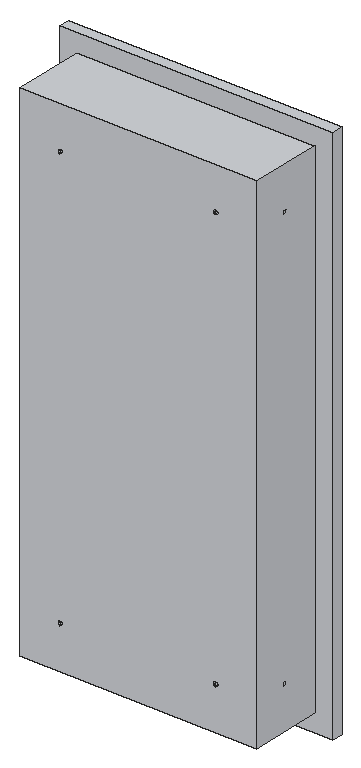
Revit family "AX9267E94_0006", category Appareils sanitaires, Revit 2016
Family settings
  Hôte = Mur
  Type d'élément = Normal
  Cote de connecteur circulaire = Utiliser le diamètre
  Numéro OmniClass = 23.75.00.00
  Titre OmniClass = Climate Control (HVAC)
  Toujours verticalement = Oui
  Couper avec des vides une fois chargée = Non
  Partagée = Non
  Point de calcul de pièce = Non
Parameters (values of type "Type 1")
  URL = "https://www.axeuro.com/fr/combines-2-en-1/25093-combine-distributeur-d-essuie-mains-et-poubelle-ax9267e94.html?search_query=ax9267e94&results=2"
  Type de produit / Type of product = "Combiné distributeur d'essuie-mains et poubelle / Combo unit"  # constant formula
  Référence / Reference = "AX9267E94, AX9267E-MBK"  # constant formula
  Model = ""
  Manufacturer = ""
  Entreprise / Company = "Axeuro"  # constant formula
  Description = ""
Reference planes
  plane 1 "Mur": y = 0
  plane 2 "Centre (gauche/droite)": x = 0
  plane 3 "Arrière": y = 75
Forms (mm)
  Extrusion 1, solid
    sketch origin (-115.2, 75, 180.521) x (1, 0, 0) y (0, 0, 1)
      loop
        line (293.2, 1199.919) -> (-62.8, 1199.919) -> (-62.8, 488.919) -> (293.2, 488.919) -> (293.2, 1199.919)
    from -15 to 0
  Extrusion 2, solid
    sketch origin (-307.535, 75, -381.507) x (1, 0, 0) y (0, 0, 1)
      loop
        line (462.535, 1738.447) -> (152.535, 1738.447) -> (152.535, 1074.447) -> (462.535, 1074.447) -> (462.535, 1738.447)
    from 0 to 94
  Extrusion 3, void
    sketch origin (-221.536, 74, 0.01) x (1, 0, 0) y (0, 0, 1)
      loop
        circle (120, 1301.44) r 3
    from 91.788 to 93
  Extrusion 4, void
    sketch origin (-18.498, 74, 0.01) x (1, 0, 0) y (0, 0, 1)
      loop
        circle (120, 1301.44) r 3
    from 91.788 to 93
  Extrusion 5, void
    sketch origin (-221.536, 74, -552.141) x (1, 0, 0) y (0, 0, 1)
      loop
        circle (120, 1301.44) r 3
    from 91.788 to 93
  Extrusion 6, void
    sketch origin (-18.498, 74, -552.141) x (1, 0, 0) y (0, 0, 1)
      loop
        circle (120, 1301.44) r 3
    from 91.788 to 93
  Extrusion 7, solid, not visible
    sketch origin (2.754, 75, -43.399) x (1, 0, 0) y (0, 0, 1)
      loop
        circle (125.604, 1575.159) r 8.25
    from -15 to -12.919
  Extrusion 8, void, not visible
    sketch origin (-0.165, 75, -0.43) x (1, 0, 0) y (0, 0, 1)
      loop
        line (129.522, 1537.139) -> (127.522, 1537.139) -> (127.522, 1527.239) -> (129.522, 1527.239) -> (129.522, 1537.139)
    from -15 to -12.919
  Extrusion 9, void
    sketch origin (444.292, 168, -18.307) x (1, 0, 0) y (0, 0, 1)
      loop
        line (-326.704, 1198.307) -> (-561.881, 1198.307)
        arc (-561.881, 1198.307) -> (-567.122, 1196.136) -> (-569.292, 1190.896) r 7.411
        line (-569.292, 1190.896) -> (-569.292, 975.719)
        arc (-569.292, 975.719) -> (-567.122, 970.478) -> (-561.881, 968.307) r 7.411
        line (-561.881, 968.307) -> (-326.704, 968.307)
        arc (-326.704, 968.307) -> (-321.463, 970.478) -> (-319.292, 975.719) r 7.411
        line (-319.292, 975.719) -> (-319.292, 1190.896)
        arc (-319.292, 1190.896) -> (-321.463, 1196.136) -> (-326.704, 1198.307) r 7.411
    from -15 to 93
  Extrusion 10, void
    sketch origin (62, -95, 0.01) x (0, 1, 0) y (0, 0, 1)
      loop
        circle (120, 1301.44) r 3
    from 91.788 to 93
  Extrusion 11, void
    sketch origin (62, -95, -552.141) x (0, 1, 0) y (0, 0, 1)
      loop
        circle (120, 1301.44) r 3
    from 91.788 to 93
  Extrusion 12, void
    sketch origin (-62, -95, 0.01) x (0, 1, 0) y (0, 0, -1)
      loop
        circle (120, -1301.44) r 3
    from 91.788 to 93
  Extrusion 13, void
    sketch origin (-62, -95, -552.141) x (0, 1, 0) y (0, 0, -1)
      loop
        circle (120, -1301.44) r 3
    from 91.788 to 93
Cuts and joins
  Extrusion 3, Extrusion 4, Extrusion 9 cuts Extrusion 1
  Extrusion 3, Extrusion 4, Extrusion 5, Extrusion 6, Extrusion 10, Extrusion 11, Extrusion 12, Extrusion 13 cuts Extrusion 2
Text (mm)
  text "Côté de la mise en place" at (-1820.995, 1116.779, 0), in view "Niveau de réf."
  text "Côté de la mise en place" at (0, 1334.055, 2976.191), in view "Gauche"
  text "Côté de la mise en place" at (0, 439.194, 2944.362), in view "Droite"
Dimensions and locks
  locked: plane 3 "Arrière" to host wall
  aligned and locked: plane 1 "Mur" to host wall
